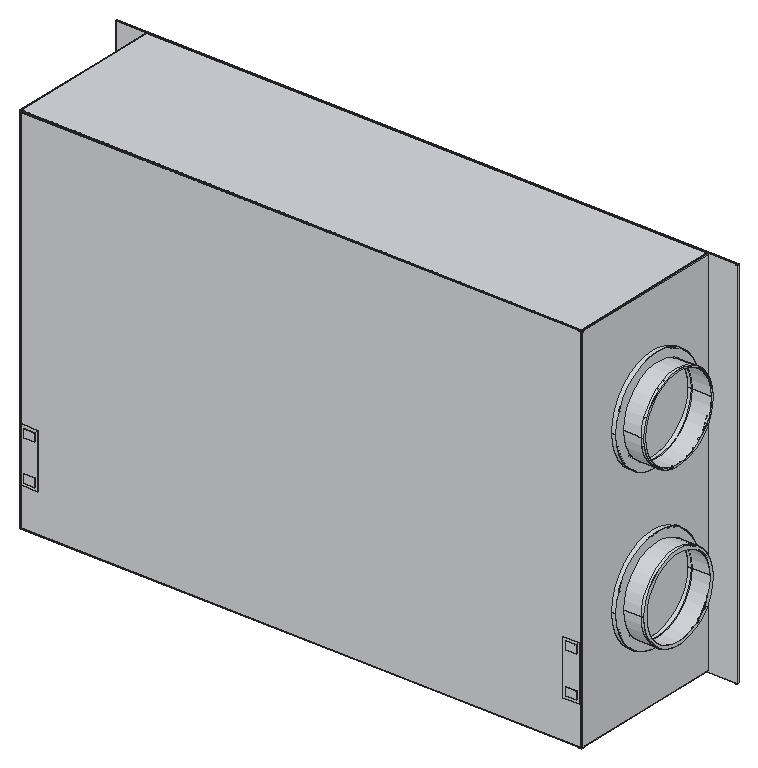
Revit family "Flexit Nordic CL 3 R E 500 L 230", category Mechanical Equipment, Revit 2018
Family settings
  Round Connector Dimension = Use Radius
  Part Type = Normal
  Work Plane-Based = No
  Always vertical = Yes
  Cut with Voids When Loaded = No
  Shared = No
  Room Calculation Point = No
Parameters
  magiProductId = "Flexit Nordic CL 3 R E 500 L 230"
  magiPartTypeId = 210
  magiFamilyGeom = MagiCAD_Flexit Nordic CL 3 R E 500 L 230 : MagiCAD_Flexit Nordic CL 3 R E 500 L 230
  Ytelse  SFP-sum vinter [instance] = "1.29 kJ/m³"
  Weight = 0.00 kg
  Vifte, tilluft  Vinter  Vifteinstilling [instance] = "56 %"
  Vifte, tilluft  Sommer  Vifteinstilling [instance] = ""
  Vifte, avtrekksluft  Vinter  Vifteinstilling [instance] = "56 %"
  Vifte, avtrekksluft  Sommer  Vifteinstilling [instance] = ""
  VersionID = "1.0/2021.0"
  Varmegjenvinning  Vinter  Komponentvirkningsgrad, tilluft (EN308) [instance] = "84.3 %"
  Varmegjenvinning  Sommer  Komponentvirkningsgrad, tilluft (EN308) [instance] = ""
  Varmegjenvinning  Sommer  Aggregatvirkningsgrad, tilluft (EN13141-7) [instance] = ""
  Uteluft [instance] = "160 mm"
  Tilluftskanal, vinter [instance] = "36 47 53 50 49 50 44 36 dB(A)"
  Tilluft  Trykkfall vinter [instance] = 70.0 Pa
  Tilluft  Luftmengde vinter [instance] = "0.0417 m³/s"
  Tilluft [instance] = "160 mm"
  Supply 1 Sound power level [instance] = "62 63 62 53 49 49 43 37 dB"
  Supply 1 Pressure drop min [instance] = 63.0 Pa
  Supply 1 Pressure drop max [instance] = 77.0 Pa
  Supply 1 Pressure drop [instance] = 70.0 Pa
  Supply 1 Airflow operation point min [instance] = 39.5833 L/s
  Supply 1 Airflow operation point max [instance] = 43.75 L/s
  Supply 1 Airflow min [instance] = 22.0 L/s
  Supply 1 Airflow max [instance] = 94.0 L/s
  Supply 1 Airflow [instance] = 41.6667 L/s
  Resultater  Vekt [instance] = "62 kg"
  Productdata [instance] = "© MagiCAD Group, all rights reserved"
  Pressure rise, supply [instance] = 70.0 Pa
  Pressure rise, extract [instance] = 70.0 Pa
  Outdoor 1 Sound power level [instance] = "62 63 62 53 49 49 43 37 dB"
  Outdoor 1 Pressure drop min [instance] = 0.0 Pa
  Outdoor 1 Pressure drop max [instance] = 0.0 Pa
  Outdoor 1 Pressure drop [instance] = 0.0 Pa
  Outdoor 1 Airflow operation point min [instance] = 39.5833 L/s
  Outdoor 1 Airflow operation point max [instance] = 43.75 L/s
  Outdoor 1 Airflow min [instance] = 22.0 L/s
  Outdoor 1 Airflow max [instance] = 94.0 L/s
  Outdoor 1 Airflow [instance] = 41.6667 L/s
  Omgivelse, vinter [instance] = "21 25 34 34 30 31 28 18 dB(A)"
  Kjøkkenkanal [instance] = "125 mm"
  Himling, vinter [instance] = "20 20 29 23 21 23 18 9 dB(A)"
  Generelt  Informasjon [instance] = ""
  Generelt  Beskrivelse / Plassering [instance] = ""
  Extract 9 Sound power level [instance] = "58 59 56 42 33 31 19 21 dB"
  Extract 9 Pressure drop min [instance] = 0.0 Pa
  Extract 9 Pressure drop max [instance] = 0.0 Pa
  Extract 9 Pressure drop [instance] = 0.0 Pa
  Extract 9 Airflow operation point min [instance] = 39.5833 L/s
  Extract 9 Airflow operation point max [instance] = 43.75 L/s
  Extract 9 Airflow min [instance] = 22.0 L/s
  Extract 9 Airflow max [instance] = 94.0 L/s
  Extract 9 Airflow [instance] = 41.6667 L/s
  Extract 1 Sound power level [instance] = "58 59 56 42 33 31 19 21 dB"
  Extract 1 Pressure drop min [instance] = 63.0 Pa
  Extract 1 Pressure drop max [instance] = 77.0 Pa
  Extract 1 Pressure drop [instance] = 70.0 Pa
  Extract 1 Airflow operation point min [instance] = 39.5833 L/s
  Extract 1 Airflow operation point max [instance] = 43.75 L/s
  Extract 1 Airflow min [instance] = 22.0 L/s
  Extract 1 Airflow max [instance] = 94.0 L/s
  Extract 1 Airflow [instance] = 41.6667 L/s
  Exhaust 1 Sound power level [instance] = "58 59 56 42 33 31 19 21 dB"
  Exhaust 1 Pressure drop min [instance] = 0.0 Pa
  Exhaust 1 Pressure drop max [instance] = 0.0 Pa
  Exhaust 1 Pressure drop [instance] = 0.0 Pa
  Exhaust 1 Airflow operation point min [instance] = 39.5833 L/s
  Exhaust 1 Airflow operation point max [instance] = 43.75 L/s
  Exhaust 1 Airflow min [instance] = 22.0 L/s
  Exhaust 1 Airflow max [instance] = 94.0 L/s
  Exhaust 1 Airflow [instance] = 41.6667 L/s
  Dimensjoner [instance] = "1149x296x767 mm"
  Avtrekkskanal, vinter [instance] = "32 43 47 39 33 32 20 20 dB(A)"
  Avtrekk  Trykkfall vinter [instance] = 70.0 Pa
  Avtrekk  Luftmengde vinter [instance] = "0.0417 m³/s"
  Avtrekk [instance] = "160 mm"
  Avkast [instance] = "160 mm"
Reference planes
  plane 1 "Center (Front/Back)": y = 0
  plane 2: z = 0
  plane 3 "Center (Left/Right)": x = 0
Forms (mm)
  Extrusion 1, solid, not visible
    sketch origin (1149, 163, 267) x (0, 1, 0) y (0, 0, 1)
      loop
        line (15.24, 15.24) -> (-15.24, 15.24) -> (-15.24, -15.24) -> (15.24, -15.24) -> (15.24, 15.24)
    from 0 to -30.48
  Extrusion 2, solid, not visible
    sketch origin (0, 163, 567) x (0, -1, 0) y (0, 0, 1)
      loop
        line (-15.24, -15.24) -> (15.24, -15.24) -> (15.24, 15.24) -> (-15.24, 15.24) -> (-15.24, -15.24)
    from 0 to -30.48
  Extrusion 3, solid, not visible
    sketch origin (1149, 163, 567) x (0, 1, 0) y (0, 0, 1)
      loop
        line (15.24, 15.24) -> (-15.24, 15.24) -> (-15.24, -15.24) -> (15.24, -15.24) -> (15.24, 15.24)
    from 0 to -30.48
  Extrusion 4, solid, not visible
    sketch origin (288, 163, 0) x (0, 1, 0) y (1, 0, 0)
      loop
        line (-15.24, 15.24) -> (-15.24, -15.24) -> (15.24, -15.24) -> (15.24, 15.24) -> (-15.24, 15.24)
    from 0 to -30.48
  Extrusion 5, solid, not visible
    sketch origin (0, 163, 267) x (0, -1, 0) y (0, 0, 1)
      loop
        line (-15.24, -15.24) -> (15.24, -15.24) -> (15.24, 15.24) -> (-15.24, 15.24) -> (-15.24, -15.24)
    from 0 to -30.48
Text (mm)
  text "© MagiCAD Group, all rights reserved" at (-487.68, -1524, 0), in view "Ref. Level"
Nested families
  nested 1: "MagiCAD_Flexit Nordic CL 3 R E 500 L 230" at (0, 0, 0), type <- "magiFamilyGeom", type "MagiCAD_Flexit Nordic CL 3 R E 500 L 230"
Connectors
  hvac at (1149, 163, 267)
    settings: on Extrusion 1, index 1, duct flow 0.0 L/s, flow factor 0, pres drop 0.0 Pa, loss coef 0, conn angle 0.00°, conn width 304.8 mm, conn height 304.8 mm, conn diameter 160 mm, duct sys type 1, conn prof type 0, flow config 0, flow direction 2, loss method 0, conn ref index -1, conn util no, is conn primary yes, conn desc "Supply 1"
  hvac at (0, 163, 567)
    settings: on Extrusion 2, index 2, duct flow 0.0 L/s, flow factor 0, pres drop 0.0 Pa, loss coef 0, conn angle 0.00°, conn width 304.8 mm, conn height 304.8 mm, conn diameter 160 mm, duct sys type 1, conn prof type 0, flow config 0, flow direction 1, loss method 0, conn ref index -1, conn util no, is conn primary no, conn desc "Outdoor 1"
  hvac at (1149, 163, 567)
    settings: on Extrusion 3, index 3, duct flow 0.0 L/s, flow factor 0, pres drop 0.0 Pa, loss coef 0, conn angle 0.00°, conn width 304.8 mm, conn height 304.8 mm, conn diameter 160 mm, duct sys type 2, conn prof type 0, flow config 0, flow direction 1, loss method 0, conn ref index -1, conn util no, is conn primary no, conn desc "Extract 1"
  hvac at (288, 163, 0)
    settings: on Extrusion 4, index 4, duct flow 0.0 L/s, flow factor 0, pres drop 0.0 Pa, loss coef 0, conn angle 0.00°, conn width 304.8 mm, conn height 304.8 mm, conn diameter 125 mm, duct sys type 2, conn prof type 0, flow config 0, flow direction 1, loss method 0, conn ref index -1, conn util no, is conn primary no, conn desc "Extract 9"
  hvac at (0, 163, 267)
    settings: on Extrusion 5, index 5, duct flow 0.0 L/s, flow factor 0, pres drop 0.0 Pa, loss coef 0, conn angle 0.00°, conn width 304.8 mm, conn height 304.8 mm, conn diameter 160 mm, duct sys type 3, conn prof type 0, flow config 0, flow direction 2, loss method 0, conn ref index -1, conn util no, is conn primary no, conn desc "Exhaust 1"
Definition of nested family "MagiCAD_Flexit Nordic CL 3 R E 500 L 230"
  Reference planes
    plane 1 "Center (Front/Back)": y = 0
    plane 2: z = 0
    plane 3 "Center (Left/Right)": x = 0
  Forms (mm)
    Extrusion 1, solid
      sketch origin (49.5, 163, 267) x (0, -1, 0) y (0, 0, 1)
        loop
          circle (0, 0) r 79.9
      from 0 to 2
    Extrusion 2, void
      sketch origin (49.5, 163, 267) x (0, -1, 0) y (0, 0, 1)
        loop
          circle (0, 0) r 79.7
      from 0.2 to 2
    Extrusion 3, solid
      sketch origin (49.5, 163, 267) x (0, -1, 0) y (0, 0, 1)
        loop
          circle (0, 0) r 80
      from 0 to 49.5
    Extrusion 4, void
      sketch origin (49.5, 163, 267) x (0, -1, 0) y (0, 0, 1)
        loop
          circle (0, 0) r 79.8
      from 0 to 49.5
    Extrusion 5, solid
      sketch origin (49.5, 163, 267) x (0, -1, 0) y (0, 0, 1)
        loop
          circle (0, 0) r 96
      from 0 to 10
    Extrusion 6, void
      sketch origin (49.5, 163, 267) x (0, -1, 0) y (0, 0, 1)
        loop
          circle (0, 0) r 95.8
      from 0 to 10
    Extrusion 7, solid
      sketch origin (4.95, 163, 267) x (0, -1, 0) y (0, 0, 1)
        loop
          circle (0, 0) r 80.05
      from 0 to 4.95
    Extrusion 8, void
      sketch origin (4.95, 163, 267) x (0, -1, 0) y (0, 0, 1)
        loop
          circle (0, 0) r 79.85
      from 0 to 4.95
    Extrusion 9, solid
      sketch origin (1099.5, 163, 567) x (0, 1, 0) y (0, 0, 1)
        loop
          circle (0, 0) r 79.9
      from 0 to 2
    Extrusion 10, void
      sketch origin (1099.5, 163, 567) x (0, 1, 0) y (0, 0, 1)
        loop
          circle (0, 0) r 79.7
      from 0.2 to 2
    Extrusion 11, solid
      sketch origin (1099.5, 163, 567) x (0, 1, 0) y (0, 0, 1)
        loop
          circle (0, 0) r 80
      from 0 to 49.5
    Extrusion 12, void
      sketch origin (1099.5, 163, 567) x (0, 1, 0) y (0, 0, 1)
        loop
          circle (0, 0) r 79.8
      from 0 to 49.5
    Extrusion 13, solid
      sketch origin (1099.5, 163, 567) x (0, 1, 0) y (0, 0, 1)
        loop
          circle (0, 0) r 96
      from 0 to 10
    Extrusion 14, void
      sketch origin (1099.5, 163, 567) x (0, 1, 0) y (0, 0, 1)
        loop
          circle (0, 0) r 95.8
      from 0 to 10
    Extrusion 15, solid
      sketch origin (1144.05, 163, 567) x (0, 1, 0) y (0, 0, 1)
        loop
          circle (0, 0) r 80.05
      from 0 to 4.95
    Extrusion 16, void
      sketch origin (1144.05, 163, 567) x (0, 1, 0) y (0, 0, 1)
        loop
          circle (0, 0) r 79.85
      from 0 to 4.95
    Extrusion 17, solid
      sketch origin (49.5, 163, 567) x (0, -1, 0) y (0, 0, 1)
        loop
          circle (0, 0) r 79.9
      from 0 to 2
    Extrusion 18, void
      sketch origin (49.5, 163, 567) x (0, -1, 0) y (0, 0, 1)
        loop
          circle (0, 0) r 79.7
      from 0.2 to 2
    Extrusion 19, solid
      sketch origin (49.5, 163, 567) x (0, -1, 0) y (0, 0, 1)
        loop
          circle (0, 0) r 80
      from 0 to 49.5
    Extrusion 20, void
      sketch origin (49.5, 163, 567) x (0, -1, 0) y (0, 0, 1)
        loop
          circle (0, 0) r 79.8
      from 0 to 49.5
    Extrusion 21, solid
      sketch origin (49.5, 163, 567) x (0, -1, 0) y (0, 0, 1)
        loop
          circle (0, 0) r 96
      from 0 to 10
    Extrusion 22, void
      sketch origin (49.5, 163, 567) x (0, -1, 0) y (0, 0, 1)
        loop
          circle (0, 0) r 95.8
      from 0 to 10
    Extrusion 23, solid
      sketch origin (4.95, 163, 567) x (0, -1, 0) y (0, 0, 1)
        loop
          circle (0, 0) r 80.05
      from 0 to 4.95
    Extrusion 24, void
      sketch origin (4.95, 163, 567) x (0, -1, 0) y (0, 0, 1)
        loop
          circle (0, 0) r 79.85
      from 0 to 4.95
    Extrusion 25, solid
      sketch origin (1099.5, 163, 267) x (0, 1, 0) y (0, 0, 1)
        loop
          circle (0, 0) r 79.9
      from 0 to 2
    Extrusion 26, void
      sketch origin (1099.5, 163, 267) x (0, 1, 0) y (0, 0, 1)
        loop
          circle (0, 0) r 79.7
      from 0.2 to 2
    Extrusion 27, solid
      sketch origin (1099.5, 163, 267) x (0, 1, 0) y (0, 0, 1)
        loop
          circle (0, 0) r 80
      from 0 to 49.5
    Extrusion 28, void
      sketch origin (1099.5, 163, 267) x (0, 1, 0) y (0, 0, 1)
        loop
          circle (0, 0) r 79.8
      from 0 to 49.5
    Extrusion 29, solid
      sketch origin (1099.5, 163, 267) x (0, 1, 0) y (0, 0, 1)
        loop
          circle (0, 0) r 96
      from 0 to 10
    Extrusion 30, void
      sketch origin (1099.5, 163, 267) x (0, 1, 0) y (0, 0, 1)
        loop
          circle (0, 0) r 95.8
      from 0 to 10
    Extrusion 31, solid
      sketch origin (1144.05, 163, 267) x (0, 1, 0) y (0, 0, 1)
        loop
          circle (0, 0) r 80.05
      from 0 to 4.95
    Extrusion 32, void
      sketch origin (1144.05, 163, 267) x (0, 1, 0) y (0, 0, 1)
        loop
          circle (0, 0) r 79.85
      from 0 to 4.95
    Extrusion 33, solid
      sketch origin (288, 163, 67) x (0, 1, 0) y (1, 0, 0)
        loop
          circle (0, 0) r 62.4
      from 0 to 2
    Extrusion 34, void
      sketch origin (288, 163, 67) x (0, 1, 0) y (1, 0, 0)
        loop
          circle (0, 0) r 62.2
      from 0.2 to 2
    Extrusion 35, solid
      sketch origin (288, 163, 67) x (0, 1, 0) y (1, 0, 0)
        loop
          circle (0, 0) r 62.5
      from 0 to 67
    Extrusion 36, void
      sketch origin (288, 163, 67) x (0, 1, 0) y (1, 0, 0)
        loop
          circle (0, 0) r 62.3
      from 0 to 67
    Extrusion 37, solid
      sketch origin (288, 163, 67) x (0, 1, 0) y (1, 0, 0)
        loop
          circle (0, 0) r 75
      from 0 to 10
    Extrusion 38, void
      sketch origin (288, 163, 67) x (0, 1, 0) y (1, 0, 0)
        loop
          circle (0, 0) r 74.8
      from 0 to 10
    Extrusion 39, solid
      sketch origin (288, 163, 6.7) x (0, 1, 0) y (1, 0, 0)
        loop
          circle (0, 0) r 62.55
      from 0 to 6.7
    Extrusion 40, void
      sketch origin (288, 163, 6.7) x (0, 1, 0) y (1, 0, 0)
        loop
          circle (0, 0) r 62.35
      from 0 to 6.7
    Extrusion 41, solid
      sketch origin (39.5, 163, 267) x (0, -1, 0) y (0, 0, 1)
        loop
          circle (0, 0) r 80.05
        loop
          circle (0, 0) r 96
      from -0.1 to 0.1
    Extrusion 42, solid
      sketch origin (47.5, 163, 267) x (0, -1, 0) y (0, 0, 1)
        loop
          circle (0, 0) r 79.9
      from -0.1 to 0.1
    Extrusion 43, solid
      sketch origin (0, 163, 267) x (0, -1, 0) y (0, 0, 1)
        loop
          circle (0, 0) r 78
        loop
          circle (0, 0) r 80
      from -0.1 to 0.1
    Extrusion 44, solid
      sketch origin (1109.5, 163, 567) x (0, 1, 0) y (0, 0, 1)
        loop
          circle (0, 0) r 80.05
        loop
          circle (0, 0) r 96
      from -0.1 to 0.1
    Extrusion 45, solid
      sketch origin (1101.5, 163, 567) x (0, 1, 0) y (0, 0, 1)
        loop
          circle (0, 0) r 79.9
      from -0.1 to 0.1
    Extrusion 46, solid
      sketch origin (1149, 163, 567) x (0, 1, 0) y (0, 0, 1)
        loop
          circle (0, 0) r 78
        loop
          circle (0, 0) r 80
      from -0.1 to 0.1
    Extrusion 47, solid
      sketch origin (39.5, 163, 567) x (0, -1, 0) y (0, 0, 1)
        loop
          circle (0, 0) r 80.05
        loop
          circle (0, 0) r 96
      from -0.1 to 0.1
    Extrusion 48, solid
      sketch origin (47.5, 163, 567) x (0, -1, 0) y (0, 0, 1)
        loop
          circle (0, 0) r 79.9
      from -0.1 to 0.1
    Extrusion 49, solid
      sketch origin (0, 163, 567) x (0, -1, 0) y (0, 0, 1)
        loop
          circle (0, 0) r 78
        loop
          circle (0, 0) r 80
      from -0.1 to 0.1
    Extrusion 50, solid
      sketch origin (1109.5, 163, 267) x (0, 1, 0) y (0, 0, 1)
        loop
          circle (0, 0) r 80.05
        loop
          circle (0, 0) r 96
      from -0.1 to 0.1
    Extrusion 51, solid
      sketch origin (1101.5, 163, 267) x (0, 1, 0) y (0, 0, 1)
        loop
          circle (0, 0) r 79.9
      from -0.1 to 0.1
    Extrusion 52, solid
      sketch origin (1149, 163, 267) x (0, 1, 0) y (0, 0, 1)
        loop
          circle (0, 0) r 75.05
        loop
          circle (0, 0) r 80
      from -0.1 to 0.1
    Extrusion 53, solid
      sketch origin (288, 163, 57) x (0, 1, 0) y (1, 0, 0)
        loop
          circle (0, 0) r 62.55
        loop
          circle (0, 0) r 75
      from -0.1 to 0.1
    Extrusion 54, solid
      sketch origin (288, 163, 65) x (0, 1, 0) y (1, 0, 0)
        loop
          circle (0, 0) r 62.4
      from -0.1 to 0.1
    Extrusion 55, solid
      sketch origin (288, 163, 0) x (0, 1, 0) y (1, 0, 0)
        loop
          circle (0, 0) r 60.5
        loop
          circle (0, 0) r 62.5
      from -0.1 to 0.1
    Extrusion 56, solid
      sketch origin (-5.5, 294, 67) x (0, 1, 0) y (0, 0, 1)
        loop
          line (2, 0) -> (2, 700) -> (0, 700) -> (0, 0) -> (2, 0)
      from -0.1 to 0.1
    Extrusion 57, solid
      sketch origin (1154.5, 294, 67) x (1, 0, 0) y (0, 1, 0)
        loop
          line (0, 2) -> (-1160, 2) -> (-1160, 0) -> (0, 0) -> (0, 2)
      from -0.1 to 0.1
    Extrusion 58, solid
      sketch origin (1154.5, 294, 767) x (0, -1, 0) y (0, 0, 1)
        loop
          line (-2, 0) -> (-2, -700) -> (0, -700) -> (0, 0) -> (-2, 0)
      from -0.1 to 0.1
    Extrusion 59, solid
      sketch origin (-5.5, 294, 767) x (0, 1, 0) y (1, 0, 0)
        loop
          line (2, 0) -> (2, 1160) -> (0, 1160) -> (0, 0) -> (2, 0)
      from -0.1 to 0.1
    Extrusion 60, solid
      sketch origin (-5.5, 296, 67) x (0, 0, 1) y (1, 0, 0)
        loop
          line (700, 0) -> (700, 1160) -> (0, 1160) -> (0, 0) -> (700, 0)
      from -0.1 to 0.1
    Extrusion 61, solid
      sketch origin (-5.5, 294, 67) x (0, 0, 1) y (1, 0, 0)
        loop
          line (700, 0) -> (700, 1160) -> (0, 1160) -> (0, 0) -> (700, 0)
      from -0.1 to 0.1
    Extrusion 62, solid
      sketch origin (51.5, 294, 765) x (1, 0, 0) y (0, 1, 0)
        loop
          line (1046, 0) -> (1046, 2) -> (0, 2) -> (0, 0) -> (1046, 0)
      from -0.1 to 0.1
    Extrusion 63, solid
      sketch origin (51.5, 294, 767) x (0, 0, 1) y (1, 0, 0)
        loop
          line (0, 1046) -> (-2, 1046) -> (-2, 0) -> (0, 0) -> (0, 1046)
      from -0.1 to 0.1
    Extrusion 64, solid
      sketch origin (51.5, 296, 765) x (1, 0, 0) y (0, -0.707107, 0.707107)
        loop
          line (1046, 0) -> (1046, 2.828) -> (0, 2.828) -> (0, 0) -> (1046, 0)
      from -0.1 to 0.1
    Extrusion 65, solid
      sketch origin (1097.5, 294, 765) x (0, 1, 0) y (0, 0, 1)
        loop
          line (2, 0) -> (0, 2) -> (0, 0) -> (2, 0)
      from -0.1 to 0.1
    Extrusion 66, solid
      sketch origin (51.5, 294, 765) x (0, 1, 0) y (0, 0, 1)
        loop
          line (2, 0) -> (0, 2) -> (0, 0) -> (2, 0)
      from -0.1 to 0.1
    Extrusion 67, solid
      sketch origin (51.5, 294, 69) x (0, 0, 1) y (1, 0, 0)
        loop
          line (0, 1046) -> (-2, 1046) -> (-2, 0) -> (0, 0) -> (0, 1046)
      from -0.1 to 0.1
    Extrusion 68, solid
      sketch origin (51.5, 296, 69) x (0, 1, 0) y (1, 0, 0)
        loop
          line (0, 1046) -> (-2, 1046) -> (-2, 0) -> (0, 0) -> (0, 1046)
      from -0.1 to 0.1
    Extrusion 69, solid
      sketch origin (51.5, 294, 67) x (1, 0, 0) y (0, 0.707107, 0.707107)
        loop
          line (1046, 0) -> (1046, 2.828) -> (0, 2.828) -> (0, 0) -> (1046, 0)
      from -0.1 to 0.1
    Extrusion 70, solid
      sketch origin (1097.5, 294, 69) x (0, 1, 0) y (0, 0, 1)
        loop
          line (0, -2) -> (2, 0) -> (0, 0) -> (0, -2)
      from -0.1 to 0.1
    Extrusion 71, solid
      sketch origin (51.5, 294, 69) x (0, 1, 0) y (0, 0, 1)
        loop
          line (0, -2) -> (2, 0) -> (0, 0) -> (0, -2)
      from -0.1 to 0.1
    Extrusion 72, solid
      sketch origin (1097.5, 294, 765) x (0, 1, 0) y (0, 0, 1)
        loop
          line (0, -696) -> (2, -696) -> (2, 0) -> (0, 0) -> (0, -696)
      from -0.1 to 0.1
    Extrusion 73, solid
      sketch origin (1099.5, 294, 765) x (0, 0, 1) y (1, 0, 0)
        loop
          line (-696, 0) -> (-696, -2) -> (0, -2) -> (0, 0) -> (-696, 0)
      from -0.1 to 0.1
    Extrusion 74, solid
      sketch origin (1097.5, 296, 765) x (0.707107, -0.707107, 0) y (0, 0, 1)
        loop
          line (0, -696) -> (2.828, -696) -> (2.828, 0) -> (0, 0) -> (0, -696)
      from -0.1 to 0.1
    Extrusion 75, solid
      sketch origin (1097.5, 294, 69) x (0, 1, 0) y (1, 0, 0)
        loop
          line (2, 0) -> (0, 2) -> (0, 0) -> (2, 0)
      from -0.1 to 0.1
    Extrusion 76, solid
      sketch origin (1097.5, 294, 765) x (0, 1, 0) y (1, 0, 0)
        loop
          line (2, 0) -> (0, 2) -> (0, 0) -> (2, 0)
      from -0.1 to 0.1
    Extrusion 77, solid
      sketch origin (51.5, 294, 765) x (0, 1, 0) y (0, 0, 1)
        loop
          line (0, -696) -> (2, -696) -> (2, 0) -> (0, 0) -> (0, -696)
      from -0.1 to 0.1
    Extrusion 78, solid
      sketch origin (49.5, 294, 765) x (0, 0, -1) y (1, 0, 0)
        loop
          line (696, 0) -> (696, 2) -> (0, 2) -> (0, 0) -> (696, 0)
      from -0.1 to 0.1
    Extrusion 79, solid
      sketch origin (51.5, 296, 765) x (0.707107, 0.707107, 0) y (0, 0, -1)
        loop
          line (0, 696) -> (-2.828, 696) -> (-2.828, 0) -> (0, 0) -> (0, 696)
      from -0.1 to 0.1
    Extrusion 80, solid
      sketch origin (51.5, 294, 69) x (1, 0, 0) y (0, 1, 0)
        loop
          line (0, 2) -> (-2, 0) -> (0, 0) -> (0, 2)
      from -0.1 to 0.1
    Extrusion 81, solid
      sketch origin (51.5, 294, 765) x (1, 0, 0) y (0, 1, 0)
        loop
          line (0, 2) -> (-2, 0) -> (0, 0) -> (0, 2)
      from -0.1 to 0.1
    Extrusion 82, solid
      sketch origin (1097.5, 2, 765) x (0, 0, -1) y (1, 0, 0)
        loop
          line (696, 0) -> (696, 2) -> (0, 2) -> (0, 0) -> (696, 0)
      from -0.1 to 0.1
    Extrusion 83, solid
      sketch origin (1097.5, 0, 765) x (0, 1, 0) y (0, 0, 1)
        loop
          line (0, -696) -> (2, -696) -> (2, 0) -> (0, 0) -> (0, -696)
      from -0.1 to 0.1
    Extrusion 84, solid
      sketch origin (1099.5, 2, 765) x (0.707107, 0.707107, 0) y (0, 0, -1)
        loop
          line (0, 696) -> (-2.828, 696) -> (-2.828, 0) -> (0, 0) -> (0, 696)
      from -0.1 to 0.1
    Extrusion 85, solid
      sketch origin (1097.5, 2, 69) x (0, 1, 0) y (1, 0, 0)
        loop
          line (0, 2) -> (-2, 0) -> (0, 0) -> (0, 2)
      from -0.1 to 0.1
    Extrusion 86, solid
      sketch origin (1097.5, 2, 765) x (0, 1, 0) y (1, 0, 0)
        loop
          line (0, 2) -> (-2, 0) -> (0, 0) -> (0, 2)
      from -0.1 to 0.1
    Extrusion 87, solid
      sketch origin (51.5, 2, 765) x (0, 0, 1) y (1, 0, 0)
        loop
          line (-696, 0) -> (-696, -2) -> (0, -2) -> (0, 0) -> (-696, 0)
      from -0.1 to 0.1
    Extrusion 88, solid
      sketch origin (51.5, 0, 765) x (0, 1, 0) y (0, 0, 1)
        loop
          line (0, -696) -> (2, -696) -> (2, 0) -> (0, 0) -> (0, -696)
      from -0.1 to 0.1
    Extrusion 89, solid
      sketch origin (49.5, 2, 765) x (0.707107, -0.707107, 0) y (0, 0, 1)
        loop
          line (0, -696) -> (2.828, -696) -> (2.828, 0) -> (0, 0) -> (0, -696)
      from -0.1 to 0.1
    Extrusion 90, solid
      sketch origin (51.5, 2, 69) x (1, 0, 0) y (0, 1, 0)
        loop
          line (-2, 0) -> (0, -2) -> (0, 0) -> (-2, 0)
      from -0.1 to 0.1
    Extrusion 91, solid
      sketch origin (51.5, 2, 765) x (1, 0, 0) y (0, 1, 0)
        loop
          line (-2, 0) -> (0, -2) -> (0, 0) -> (-2, 0)
      from -0.1 to 0.1
    Extrusion 92, solid
      sketch origin (51.5, 2, 765) x (0, 0, -1) y (1, 0, 0)
        loop
          line (0, 1046) -> (-2, 1046) -> (-2, 0) -> (0, 0) -> (0, 1046)
      from -0.1 to 0.1
    Extrusion 93, solid
      sketch origin (51.5, 0, 765) x (1, 0, 0) y (0, 1, 0)
        loop
          line (1046, 0) -> (1046, 2) -> (0, 2) -> (0, 0) -> (1046, 0)
      from -0.1 to 0.1
    Extrusion 94, solid
      sketch origin (51.5, 2, 767) x (1, 0, 0) y (0, -0.707107, -0.707107)
        loop
          line (1046, 0) -> (1046, 2.828) -> (0, 2.828) -> (0, 0) -> (1046, 0)
      from -0.1 to 0.1
    Extrusion 95, solid
      sketch origin (1097.5, 2, 765) x (0, 1, 0) y (0, 0, 1)
        loop
          line (0, 2) -> (-2, 0) -> (0, 0) -> (0, 2)
      from -0.1 to 0.1
    Extrusion 96, solid
      sketch origin (51.5, 2, 765) x (0, 1, 0) y (0, 0, 1)
        loop
          line (0, 2) -> (-2, 0) -> (0, 0) -> (0, 2)
      from -0.1 to 0.1
    Extrusion 97, solid
      sketch origin (51.5, 2, 69) x (0, 1, 0) y (1, 0, 0)
        loop
          line (0, 1046) -> (-2, 1046) -> (-2, 0) -> (0, 0) -> (0, 1046)
      from -0.1 to 0.1
    Extrusion 98, solid
      sketch origin (51.5, 2, 67) x (0, 0, -1) y (1, 0, 0)
        loop
          line (0, 1046) -> (-2, 1046) -> (-2, 0) -> (0, 0) -> (0, 1046)
      from -0.1 to 0.1
    Extrusion 99, solid
      sketch origin (51.5, 0, 69) x (1, 0, 0) y (0, 0.707107, -0.707107)
        loop
          line (1046, 0) -> (1046, 2.828) -> (0, 2.828) -> (0, 0) -> (1046, 0)
      from -0.1 to 0.1
    Extrusion 100, solid
      sketch origin (1097.5, 2, 69) x (0, 1, 0) y (0, 0, 1)
        loop
          line (-2, 0) -> (0, -2) -> (0, 0) -> (-2, 0)
      from -0.1 to 0.1
    Extrusion 101, solid
      sketch origin (51.5, 2, 69) x (0, 1, 0) y (0, 0, 1)
        loop
          line (-2, 0) -> (0, -2) -> (0, 0) -> (-2, 0)
      from -0.1 to 0.1
    Extrusion 102, solid
      sketch origin (1097.5, 2, 765) x (0, 1, 0) y (0, 0, 1)
        loop
          line (292, 0) -> (292, 2) -> (0, 2) -> (0, 0) -> (292, 0)
      from -0.1 to 0.1
    Extrusion 103, solid
      sketch origin (1099.5, 2, 765) x (1, 0, 0) y (0, 1, 0)
        loop
          line (0, 292) -> (-2, 292) -> (-2, 0) -> (0, 0) -> (0, 292)
      from -0.1 to 0.1
    Extrusion 104, solid
      sketch origin (1097.5, 2, 767) x (0.707107, 0, -0.707107) y (0, -1, 0)
        loop
          line (0, -292) -> (2.828, -292) -> (2.828, 0) -> (0, 0) -> (0, -292)
      from -0.1 to 0.1
    Extrusion 105, solid
      sketch origin (1097.5, 294, 765) x (0, 0, 1) y (1, 0, 0)
        loop
          line (2, 0) -> (0, 2) -> (0, 0) -> (2, 0)
      from -0.1 to 0.1
    Extrusion 106, solid
      sketch origin (1097.5, 2, 765) x (0, 0, 1) y (1, 0, 0)
        loop
          line (2, 0) -> (0, 2) -> (0, 0) -> (2, 0)
      from -0.1 to 0.1
    Extrusion 107, solid
      sketch origin (1097.5, 2, 69) x (0, 1, 0) y (1, 0, 0)
        loop
          line (292, 0) -> (292, 2) -> (0, 2) -> (0, 0) -> (292, 0)
      from -0.1 to 0.1
    Extrusion 108, solid
      sketch origin (1097.5, 2, 67) x (0, 1, 0) y (0, 0, 1)
        loop
          line (292, 0) -> (292, 2) -> (0, 2) -> (0, 0) -> (292, 0)
      from -0.1 to 0.1
    Extrusion 109, solid
      sketch origin (1099.5, 2, 69) x (0.707107, 0, 0.707107) y (0, 1, 0)
        loop
          line (0, 292) -> (-2.828, 292) -> (-2.828, 0) -> (0, 0) -> (0, 292)
      from -0.1 to 0.1
    Extrusion 110, solid
      sketch origin (1097.5, 294, 69) x (0, 0, 1) y (1, 0, 0)
        loop
          line (0, 2) -> (-2, 0) -> (0, 0) -> (0, 2)
      from -0.1 to 0.1
    Extrusion 111, solid
      sketch origin (1097.5, 2, 69) x (0, 0, 1) y (1, 0, 0)
        loop
          line (0, 2) -> (-2, 0) -> (0, 0) -> (0, 2)
      from -0.1 to 0.1
    Extrusion 112, solid
      sketch origin (51.5, 2, 765) x (0, 1, 0) y (0, 0, 1)
        loop
          line (292, 0) -> (292, 2) -> (0, 2) -> (0, 0) -> (292, 0)
      from -0.1 to 0.1
    Extrusion 113, solid
      sketch origin (49.5, 2, 765) x (0, 1, 0) y (1, 0, 0)
        loop
          line (292, 0) -> (292, 2) -> (0, 2) -> (0, 0) -> (292, 0)
      from -0.1 to 0.1
    Extrusion 114, solid
      sketch origin (51.5, 2, 767) x (0.707107, 0, 0.707107) y (0, 1, 0)
        loop
          line (0, 292) -> (-2.828, 292) -> (-2.828, 0) -> (0, 0) -> (0, 292)
      from -0.1 to 0.1
    Extrusion 115, solid
      sketch origin (51.5, 294, 765) x (0, 0, -1) y (1, 0, 0)
        loop
          line (-2, 0) -> (0, -2) -> (0, 0) -> (-2, 0)
      from -0.1 to 0.1
    Extrusion 116, solid
      sketch origin (51.5, 2, 765) x (0, 0, -1) y (1, 0, 0)
        loop
          line (-2, 0) -> (0, -2) -> (0, 0) -> (-2, 0)
      from -0.1 to 0.1
    Extrusion 117, solid
      sketch origin (51.5, 2, 69) x (1, 0, 0) y (0, 1, 0)
        loop
          line (0, 292) -> (-2, 292) -> (-2, 0) -> (0, 0) -> (0, 292)
      from -0.1 to 0.1
    Extrusion 118, solid
      sketch origin (51.5, 2, 67) x (0, 1, 0) y (0, 0, 1)
        loop
          line (292, 0) -> (292, 2) -> (0, 2) -> (0, 0) -> (292, 0)
      from -0.1 to 0.1
    Extrusion 119, solid
      sketch origin (49.5, 2, 69) x (0.707107, 0, -0.707107) y (0, -1, 0)
        loop
          line (0, -292) -> (2.828, -292) -> (2.828, 0) -> (0, 0) -> (0, -292)
      from -0.1 to 0.1
    Extrusion 120, solid
      sketch origin (51.5, 294, 69) x (0, 0, -1) y (1, 0, 0)
        loop
          line (0, -2) -> (2, 0) -> (0, 0) -> (0, -2)
      from -0.1 to 0.1
    Extrusion 121, solid
      sketch origin (51.5, 2, 69) x (0, 0, -1) y (1, 0, 0)
        loop
          line (0, -2) -> (2, 0) -> (0, 0) -> (0, -2)
      from -0.1 to 0.1
    Extrusion 122, solid
      sketch origin (51.5, 2, 765) x (0, -1, 0) y (0, 0, 1)
        loop
          line (0, 2) -> (-292, 2) -> (-292, 0) -> (0, 0) -> (0, 2)
      from -0.1 to 0.1
    Extrusion 123, solid
      sketch origin (1097.5, 2, 765) x (0, 0, -1) y (1, 0, 0)
        loop
          line (-2, 0) -> (-2, -1046) -> (0, -1046) -> (0, 0) -> (-2, 0)
      from -0.1 to 0.1
    Extrusion 124, solid
      sketch origin (1097.5, 294, 765) x (0, 1, 0) y (0, 0, 1)
        loop
          line (0, 2) -> (-292, 2) -> (-292, 0) -> (0, 0) -> (0, 2)
      from -0.1 to 0.1
    Extrusion 125, solid
      sketch origin (51.5, 294, 765) x (0, 0, 1) y (1, 0, 0)
        loop
          line (2, 0) -> (2, 1046) -> (0, 1046) -> (0, 0) -> (2, 0)
      from -0.1 to 0.1
    Extrusion 126, solid
      sketch origin (1097.5, 2, 767) x (1, 0, 0) y (0, 1, 0)
        loop
          line (0, 292) -> (-1046, 292) -> (-1046, 0) -> (0, 0) -> (0, 292)
      from -0.1 to 0.1
    Extrusion 127, solid
      sketch origin (1097.5, 2, 765) x (1, 0, 0) y (0, 1, 0)
        loop
          line (0, 292) -> (-1046, 292) -> (-1046, 0) -> (0, 0) -> (0, 292)
      from -0.1 to 0.1
    Extrusion 128, solid
      sketch origin (51.5, 2, 69) x (0, 0, 1) y (1, 0, 0)
        loop
          line (0, -2) -> (696, -2) -> (696, 0) -> (0, 0) -> (0, -2)
      from -0.1 to 0.1
    Extrusion 129, solid
      sketch origin (51.5, 294, 69) x (1, 0, 0) y (0, 1, 0)
        loop
          line (-2, 0) -> (-2, -292) -> (0, -292) -> (0, 0) -> (-2, 0)
      from -0.1 to 0.1
    Extrusion 130, solid
      sketch origin (51.5, 294, 765) x (0, 0, -1) y (1, 0, 0)
        loop
          line (0, -2) -> (696, -2) -> (696, 0) -> (0, 0) -> (0, -2)
      from -0.1 to 0.1
    Extrusion 131, solid
      sketch origin (51.5, 2, 765) x (0, 1, 0) y (1, 0, 0)
        loop
          line (0, -2) -> (292, -2) -> (292, 0) -> (0, 0) -> (0, -2)
      from -0.1 to 0.1
    Extrusion 132, solid
      sketch origin (49.5, 2, 69) x (0, -1, 0) y (0, 0, 1)
        loop
          line (0, 696) -> (-292, 696) -> (-292, 0) -> (0, 0) -> (0, 696)
      from -0.1 to 0.1
    Extrusion 133, solid
      sketch origin (51.5, 2, 69) x (0, -1, 0) y (0, 0, 1)
        loop
          line (0, 696) -> (-292, 696) -> (-292, 0) -> (0, 0) -> (0, 696)
      from -0.1 to 0.1
    Extrusion 134, solid
      sketch origin (51.5, 294, 69) x (0, 1, 0) y (0, 0, 1)
        loop
          line (2, 0) -> (2, 696) -> (0, 696) -> (0, 0) -> (2, 0)
      from -0.1 to 0.1
    Extrusion 135, solid
      sketch origin (1097.5, 294, 69) x (1, 0, 0) y (0, 1, 0)
        loop
          line (0, 2) -> (-1046, 2) -> (-1046, 0) -> (0, 0) -> (0, 2)
      from -0.1 to 0.1
    Extrusion 136, solid
      sketch origin (1097.5, 294, 765) x (0, -1, 0) y (0, 0, 1)
        loop
          line (-2, 0) -> (-2, -696) -> (0, -696) -> (0, 0) -> (-2, 0)
      from -0.1 to 0.1
    Extrusion 137, solid
      sketch origin (51.5, 294, 765) x (0, 1, 0) y (1, 0, 0)
        loop
          line (2, 0) -> (2, 1046) -> (0, 1046) -> (0, 0) -> (2, 0)
      from -0.1 to 0.1
    Extrusion 138, solid
      sketch origin (51.5, 296, 69) x (0, 0, 1) y (1, 0, 0)
        loop
          line (696, 0) -> (696, 1046) -> (0, 1046) -> (0, 0) -> (696, 0)
      from -0.1 to 0.1
    Extrusion 139, solid
      sketch origin (51.5, 294, 69) x (0, 0, 1) y (1, 0, 0)
        loop
          line (696, 0) -> (696, 1046) -> (0, 1046) -> (0, 0) -> (696, 0)
      from -0.1 to 0.1
    Extrusion 140, solid
      sketch origin (1097.5, 294, 69) x (0, 0, -1) y (1, 0, 0)
        loop
          line (0, 2) -> (-696, 2) -> (-696, 0) -> (0, 0) -> (0, 2)
      from -0.1 to 0.1
    Extrusion 141, solid
      sketch origin (1097.5, 2, 69) x (1, 0, 0) y (0, 1, 0)
        loop
          line (2, 0) -> (2, 292) -> (0, 292) -> (0, 0) -> (2, 0)
      from -0.1 to 0.1
    Extrusion 142, solid
      sketch origin (1097.5, 2, 765) x (0, 0, 1) y (1, 0, 0)
        loop
          line (0, 2) -> (-696, 2) -> (-696, 0) -> (0, 0) -> (0, 2)
      from -0.1 to 0.1
    Extrusion 143, solid
      sketch origin (1097.5, 294, 765) x (0, 1, 0) y (1, 0, 0)
        loop
          line (0, 2) -> (-292, 2) -> (-292, 0) -> (0, 0) -> (0, 2)
      from -0.1 to 0.1
    Extrusion 144, solid
      sketch origin (1099.5, 294, 69) x (0, 1, 0) y (0, 0, 1)
        loop
          line (0, 696) -> (-292, 696) -> (-292, 0) -> (0, 0) -> (0, 696)
      from -0.1 to 0.1
    Extrusion 145, solid
      sketch origin (1097.5, 294, 69) x (0, 1, 0) y (0, 0, 1)
        loop
          line (0, 696) -> (-292, 696) -> (-292, 0) -> (0, 0) -> (0, 696)
      from -0.1 to 0.1
    Extrusion 146, solid
      sketch origin (51.5, 2, 69) x (0, 1, 0) y (0, 0, 1)
        loop
          line (0, -2) -> (292, -2) -> (292, 0) -> (0, 0) -> (0, -2)
      from -0.1 to 0.1
    Extrusion 147, solid
      sketch origin (1097.5, 2, 69) x (0, 0, 1) y (1, 0, 0)
        loop
          line (-2, 0) -> (-2, -1046) -> (0, -1046) -> (0, 0) -> (-2, 0)
      from -0.1 to 0.1
    Extrusion 148, solid
      sketch origin (1097.5, 294, 69) x (0, -1, 0) y (0, 0, 1)
        loop
          line (0, -2) -> (292, -2) -> (292, 0) -> (0, 0) -> (0, -2)
      from -0.1 to 0.1
    Extrusion 149, solid
      sketch origin (51.5, 294, 69) x (0, 0, -1) y (1, 0, 0)
        loop
          line (2, 0) -> (2, 1046) -> (0, 1046) -> (0, 0) -> (2, 0)
      from -0.1 to 0.1
    Extrusion 150, solid
      sketch origin (51.5, 2, 67) x (0, 1, 0) y (1, 0, 0)
        loop
          line (292, 0) -> (292, 1046) -> (0, 1046) -> (0, 0) -> (292, 0)
      from -0.1 to 0.1
    Extrusion 151, solid
      sketch origin (51.5, 2, 69) x (0, 1, 0) y (1, 0, 0)
        loop
          line (292, 0) -> (292, 1046) -> (0, 1046) -> (0, 0) -> (292, 0)
      from -0.1 to 0.1
    Extrusion 152, solid
      sketch origin (1097.5, 296, 765) x (0.816497, -0.408248, -0.408248) y (0, -0.707107, 0.707107)
        loop
          line (2.449, 1.414) -> (0, 2.828) -> (0, 0) -> (2.449, 1.414)
      from -0.1 to 0.1
    Extrusion 153, solid
      sketch origin (1097.5, 2, 67) x (0.816497, 0.408248, 0.408248) y (0, 0.707107, -0.707107)
        loop
          line (0, -2.828) -> (2.449, -1.414) -> (0, 0) -> (0, -2.828)
      from -0.1 to 0.1
    Extrusion 154, solid
      sketch origin (1099.5, 2, 765) x (0.816497, 0.408248, -0.408248) y (0, 0.707107, 0.707107)
        loop
          line (-2.449, 1.414) -> (-2.449, -1.414) -> (0, 0) -> (-2.449, 1.414)
      from -0.1 to 0.1
    Extrusion 155, solid
      sketch origin (51.5, 296, 765) x (0.816497, 0.408248, 0.408248) y (0, 0.707107, -0.707107)
        loop
          line (-2.449, -1.414) -> (0, -2.828) -> (0, 0) -> (-2.449, -1.414)
      from -0.1 to 0.1
    Extrusion 156, solid
      sketch origin (49.5, 294, 69) x (0.816497, 0.408248, -0.408248) y (0, -0.707107, -0.707107)
        loop
          line (2.449, -1.414) -> (2.449, 1.414) -> (0, 0) -> (2.449, -1.414)
      from -0.1 to 0.1
    Extrusion 157, solid
      sketch origin (49.5, 2, 765) x (0.816497, -0.408248, 0.408248) y (0, 0.707107, 0.707107)
        loop
          line (2.449, -1.414) -> (2.449, 1.414) -> (0, 0) -> (2.449, -1.414)
      from -0.1 to 0.1
    Extrusion 158, solid
      sketch origin (1097.5, 0, 765) x (0, 0, -1) y (1, 0, 0)
        loop
          line (0, -1046) -> (696, -1046) -> (696, 0) -> (0, 0) -> (0, -1046)
      from -0.1 to 0.1
    Extrusion 159, solid
      sketch origin (1097.5, 294, 67) x (0.816497, -0.408248, 0.408248) y (0, 0.707107, 0.707107)
        loop
          line (2.449, 1.414) -> (0, 2.828) -> (0, 0) -> (2.449, 1.414)
      from -0.1 to 0.1
    Extrusion 160, solid
      sketch origin (51.5, 2, 67) x (0.816497, -0.408248, -0.408248) y (0, 0.707107, -0.707107)
        loop
          line (-2.449, -1.414) -> (0, -2.828) -> (0, 0) -> (-2.449, -1.414)
      from -0.1 to 0.1
    Extrusion 161, solid
      sketch origin (1064.431, -0.1, 243.063) x (0, 0, 1) y (1, 0, 0)
        loop
          line (0, 30.525) -> (-101.75, 30.525) -> (-101.75, 0) -> (0, 0) -> (0, 30.525)
      from -0.1 to 0.1
    Extrusion 162, solid
      sketch origin (84.569, -0.1, 243.063) x (0, 0, -1) y (1, 0, 0)
        loop
          line (0, -30.525) -> (101.75, -30.525) -> (101.75, 0) -> (0, 0) -> (0, -30.525)
      from -0.1 to 0.1
    Extrusion 163, solid
      sketch origin (1069.519, -0.2, 161.663) x (0, 0, 1) y (1, 0, 0)
        loop
          line (0, 20.35) -> (-15.263, 20.35) -> (-15.263, 0) -> (0, 0) -> (0, 20.35)
      from -0.1 to 0.1
    Extrusion 164, solid
      sketch origin (1069.519, -0.2, 222.713) x (0, 0, -1) y (1, 0, 0)
        loop
          line (0, 20.35) -> (-15.263, 20.35) -> (-15.263, 0) -> (0, 0) -> (0, 20.35)
      from -0.1 to 0.1
    Extrusion 165, solid
      sketch origin (79.481, -0.2, 161.663) x (0, 0, -1) y (1, 0, 0)
        loop
          line (0, -20.35) -> (15.263, -20.35) -> (15.263, 0) -> (0, 0) -> (0, -20.35)
      from -0.1 to 0.1
    Extrusion 166, solid
      sketch origin (79.481, -0.2, 222.713) x (0, 0, 1) y (1, 0, 0)
        loop
          line (0, -20.35) -> (15.263, -20.35) -> (15.263, 0) -> (0, 0) -> (0, -20.35)
      from -0.1 to 0.1
  Cuts and joins
    Extrusion 2 cuts Extrusion 1
    Extrusion 4 cuts Extrusion 3
    Extrusion 6 cuts Extrusion 5
    Extrusion 8 cuts Extrusion 7
    Extrusion 10 cuts Extrusion 9
    Extrusion 12 cuts Extrusion 11
    Extrusion 14 cuts Extrusion 13
    Extrusion 16 cuts Extrusion 15
    Extrusion 18 cuts Extrusion 17
    Extrusion 20 cuts Extrusion 19
    Extrusion 22 cuts Extrusion 21
    Extrusion 24 cuts Extrusion 23
    Extrusion 26 cuts Extrusion 25
    Extrusion 28 cuts Extrusion 27
    Extrusion 30 cuts Extrusion 29
    Extrusion 32 cuts Extrusion 31
    Extrusion 34 cuts Extrusion 33
    Extrusion 36 cuts Extrusion 35
    Extrusion 38 cuts Extrusion 37
    Extrusion 40 cuts Extrusion 39
  Lines and regions (mm)
    model lines
      curve 1: line (1097.5, 36, 767.05) -> (1099.55, 36, 765)
      curve 2: line (51.5, 36, 767.05) -> (49.45, 36, 765)
      curve 3: line (51.5, 36, 767.1) -> (1097.5, 36, 767.05)
      curve 4: line (51.5, 36, 66.9) -> (1097.5, 36, 66.95)
      curve 5: line (1099.55, 36, 765) -> (1099.6, 36, 69)
      curve 6: line (49.45, 36, 765) -> (49.4, 36, 69)
      curve 7: line (1097.5, 36, 67) -> (1099.6, 36, 69)
      curve 8: line (51.6, 36, 67) -> (49.5, 36, 69)
  Dimensions and locks
    aligned and locked: level to plane 2
